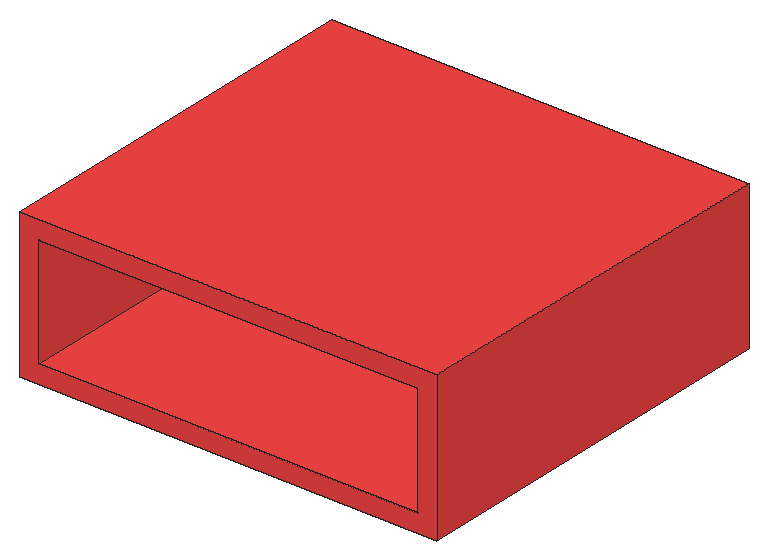
Revit family "M_FF109 Vent Duct Fire Sleeve LP_Rectangular", category Specialty Equipment, Revit 2015
Parameters (values of type "Duct size - 204 x 60")
  Width = 204 mm
  Wall Width [instance] = 130 mm
  URL = "https://www.tenmat.com/passive-fire-protection"
  Tenmat Item Number = ""
  Youtube clip = "https://www.youtube.com/watch?v=UilzKMgu3Qs"
  Protrusion_Length [instance] = if(Ablative Fire Batts, 40 mm, 25 mm)  # 40 mm
  Length_Calc [instance] = if(Length < 360 mm, if(Length > 50 mm, Length, 50 mm), 360 mm)  # 210 mm
  Height = 60 mm
  Performance = "BS EN 1366-3:2009 & BS 476, ETA-12/0332, 1224-CPR-0341, CE Marked"
  Model = ""
  Material = "Intumescent Sealant"
  Manufacturer = "Tenmat ltd"
  Length [instance] = Wall Width + Protrusion_Length * 2  # 210 mm
  IFC Classification = "Building Element Proxy"
  Description = "FireFly 109 Vent Duct Fire Sleeve"
  Thickness [instance] = 10 mm
  Assembly Code = ""
  Ablative Fire Batts [instance] = yes
Types (3, lengths in mm): name | Width | Height
  Duct size - 110 x 54 | 110 | 54
  Duct size - 204 x 60 | 204 | 60
  Duct size - 220 x 90 | 220 | 90
Reference planes
  plane 1 "Center (Front/Back)": y = 0
  plane 2: z = 0
  plane 3 "Center (Left/Right)": x = 0
  plane 4 "Back": y = 105
  plane 5 "Front": y = -105
  plane 6: y = 0.5
  plane 7: x = -102
  plane 8: x = 102
  plane 9: z = 30
  plane 10: z = -30
  plane 11: x = 112
  plane 12: x = -112
  plane 13: z = -40
  plane 14: z = 40
Forms (mm)
  Extrusion 1, solid, material "Tenmat"
    sketch origin (0, 0, 0) x (1, 0, 0) y (0, 0, 1)
      loop
        line (-102, 30) -> (-102, -30) -> (102, -30) -> (102, 30) -> (-102, 30)
      loop
        line (-112, -40) -> (112, -40) -> (112, 40) -> (-112, 40) -> (-112, -40)
    from -105 to 105
Dimensions and locks
  equal spacing: plane 4 "Back", plane 1 "Center (Front/Back)", plane 5 "Front"
  "Length_Calc": plane 4 "Back" to plane 5 "Front"
  equal spacing: plane 7, plane 3 "Center (Left/Right)", plane 8
  "Width": plane 7 to plane 8
  "Thickness": plane 11 to plane 8
  "Thickness": plane 14 to plane 9
  "Thickness": plane 10 to plane 13
  "Thickness": plane 12 to plane 7
  equal spacing: plane 9, level, plane 10
  "Height": plane 9 to plane 10
  aligned and locked: level to plane 2
  aligned and locked: Extrusion 1 sketch curve to plane 7
  aligned and locked: Extrusion 1 sketch curve to plane 8
  aligned and locked: Extrusion 1 sketch curve to plane 9
  aligned and locked: Extrusion 1 sketch curve to plane 10
  aligned and locked: plane 5 "Front" to Extrusion 1
  aligned and locked: plane 4 "Back" to Extrusion 1
  aligned and locked: Extrusion 1 sketch curve to plane 11
  aligned and locked: Extrusion 1 sketch curve to plane 14
  aligned and locked: Extrusion 1 sketch curve to plane 12
  aligned and locked: Extrusion 1 sketch curve to plane 13
